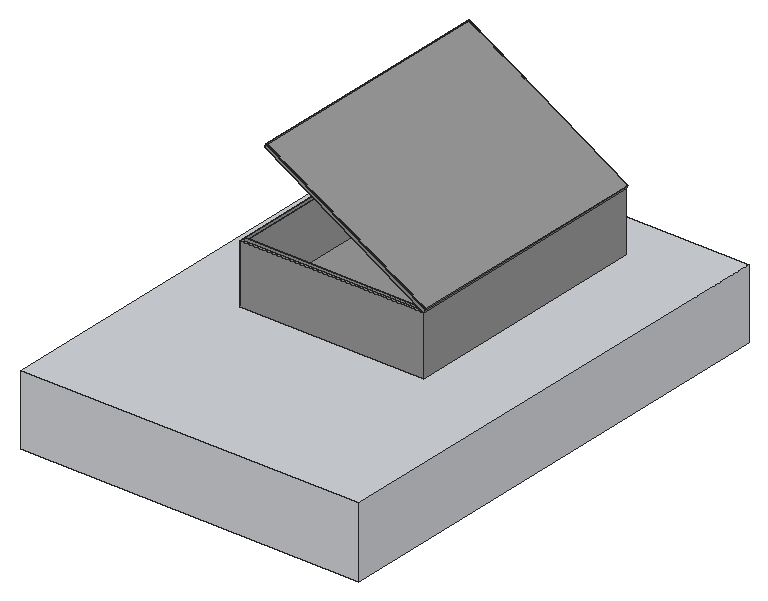
Revit family "Hager-Univers-IP55-D275-H1100-Cl.II-Steel_encl-CH-it", category Equipement électrique, Revit 2020
Family settings
  Hôte = Face
  Configuration du panneau = Deux colonnes, circuits au sein
  Cote de connecteur circulaire = Utiliser le diamètre
  Type d'élément = Tableau de raccordement
  Couper avec des vides une fois chargée = Non
  Partagée = Non
  Point de calcul de pièce = Non
Parameters (values of type "A parete IP55 L800 A1100 P275  - FR73S")
  Width Control [instance] = if([EF000008 - Larghezza] > Min Width, [EF000008 - Larghezza], Min Width)  # 800 mm
  Commentaires du type = [HG000003 - Gamma]  # "Univers"
  Thickness Door [instance] = if([EF009171 - spessore materiale porta/coperchio] > 3 mm, 3 mm, [EF009171 - spessore materiale porta/coperchio])  # 1.5 mm
  Seal Frame Offset [instance] = 17 mm  # constant formula
  Plinth Visibility [instance] = [HG000027 - Altezza dello zoccolo] > 0 mm  # no
  Model = ""
  Min Width [instance] = 100 mm  # constant formula
  Min Height [instance] = 100 mm  # constant formula
  Min Depth [instance] = (2 * [EF009170 - spessore materiale scatola]) + 1 mm  # 4 mm
  Internal Frame Depth [instance] = (Door System Depth * 0.5)  # 9 mm
  Height Control [instance] = if([EF000040 - Altezza] > Min Height, [EF000040 - Altezza], Min Height)  # 1100 mm
  HG000027 - Altezza dello zoccolo = 0 mm
  HG000026 - A pavimento = no
  HG000024 - Altezza della sezione inferiore = 800 mm
  HG000023 - Custodia a doppia sezione = no
  HG000016 - Visibilità delle porte nella vista 3D [instance] = yes
  HG000015 - Visibilità attraverso la porta [instance] = no
  HG000014 - Porta destra [instance] = yes
  HG000013 - Porta sinistra [instance] = not([HG000014 - Porta destra])  # no
  HG000012 - Angolo di apertura della porta [instance] = 30.00°
  HG000010 - Porte asimmetriche = no
  HG000009 - Porta doppia a battente = no
  HG000006 - Ad incasso = no
  HG000004 - Codice produttore = "FR73S"
  HG000003 - Gamma = "Univers"
  HG000002 - Con porta = yes
  Frame Offset Bottom [instance] = 10 mm  # constant formula
  Frame Offset [instance] = 15 mm  # constant formula
  EF015940 - Coprire con rilascio di sovrapressione = no
  EF011959 - tipo di protezione (NEMA) = ""
  EF009554 - numero delle aperture per la piastra della flangia = 6
  Fabricant = "Hager"  # constant formula
  EF009212 - esecuzione coperchio = "EV000116 - chiuso"
  EF009171 - spessore materiale porta/coperchio = 1.5 mm
  EF009170 - spessore materiale scatola = 1.5 mm
  EF008873 - corrente nominale (In) = 800 A
  EF007800 - adatto per parafulmine = no
  EF006306 - con serratura = no
  EF006244 - coperchio/porta trasparente = no
  EF005474 - grado di protezione (IP) = "EV006420 - IP55"
  EF004464 - tipo di porta = "EV002646 - singolo"
  EF004427 - numero di moduli = 252
  EF004293 - resistenza agli urti = "EV008784 - IK10"
  EF003532 - adatto per uso esterno = no
  EF002950 - Numero moduli DIN = 24
  EF001613 - Integrità del circuito = "EV000494 - senza"
  EF001596 - Attacco Lampada = "EV000179 - acciaio"
  EF001131 - profondità interna = 275 mm
  EF001088 - possibilità di applicazione = yes
  EF000437 - numero di ingressi per conduttori = 6
  EF000339 - tipo di copertura = "EV004216 - porta"
  EF000266 - numero di file = 7
  EF000218 - profondità di incasso = 0 mm
  EF000118 - con piastra di montaggio = no
  EF000116 - numero RAL = "7035"
  EF000049 - profondità = 275 mm
  EF000040 - Altezza = 1100 mm
  EF000008 - Larghezza = 800 mm
  EF000007 - colore = "EV000270 - grigio"
  EF000003 - Tipo di montaggio = "EV000384 - A parete"
  Door System Leaf Tolerance [instance] = 1.5 mm  # constant formula
  Door System Depth [instance] = 18 mm  # constant formula
  Door Height [instance] = Height Control - [HG000027 - Altezza dello zoccolo]  # 1100 mm
  Depth Control [instance] = if([EF000049 - profondità] > Min Depth, [EF000049 - profondità], Min Depth)  # 275 mm
  Default Elevation = 0 mm
  Connector Offset [instance] = Height Control / 2  # 550 mm
  Bottom Top Plate Trim [instance] = 1.5 mm  # constant formula
  Plinth height Ctrl [instance] = if([HG000027 - Altezza dello zoccolo] > 0 mm, [HG000027 - Altezza dello zoccolo], 12 mm)  # 12 mm
Types (5, lengths in mm): name | Width Control | HG000010 - Porte asimmetriche | HG000009 - Porta doppia a battente | HG000004 - Codice produttore | EF009554 - numero delle aperture per la piastra della flangia | EF004464 - tipo di porta | EF004427 - numero di moduli | EF000437 - numero di ingressi per conduttori | EF000008 - Larghezza
  A parete IP55 L1050 A1100 P275  - FR74S | 1050 | no | yes | "FR74S" | 8 | "EV003602 - doppio" | 336 | 8 | 1050
  A parete IP55 L1300 A1100 P275  - FR75S | 1300 | yes | yes | "FR75S" | 10 | "EV003602 - doppio" | 420 | 10 | 1300
  A parete IP55 L300 A1100 P275  - FR71S | 300 | no | no | "FR71S" | 2 | "EV002646 - singolo" | 84 | 2 | 300
  A parete IP55 L550 A1100 P275  - FR72S | 550 | no | no | "FR72S" | 4 | "EV002646 - singolo" | 168 | 4 | 550
  A parete IP55 L800 A1100 P275  - FR73S | 800 | no | no | "FR73S" | 6 | "EV002646 - singolo" | 252 | 6 | 800
Reference planes
  plane 1 "Center (Front/Back)": y = 0
  plane 2: z = 0
  plane 3 "Center (Left/Right)": x = 0
  plane 4: z = 275
  plane 5: y = 1.5
  plane 6: y = 550
  plane 7: y = 0
  plane 8: y = 1100
  plane 9: z = 0
  plane 10: x = -385
  plane 11: x = 385
  plane 12: x = 383.5
  plane 13: x = -383.5
  plane 14: y = 1098.5
  plane 15: x = -383
  plane 16: x = -400
  plane 17: x = 383
  plane 18: x = 400
  plane 19: x = 398.5
  plane 20: x = -398.5
  plane 21: y = 11.5
  plane 22: y = 1100
  plane 23: y = 1083.5
  plane 24: z = 257
  plane 25: z = 1.5
  plane 26: z = 255.5
  plane 27: z = 273.5
Forms (mm)
  Extrusion 1, solid
    sketch origin (0, 0, 0) x (1, 0, 0) y (0, 1, 0)
      loop
        line (-702.964, 1305) -> (-702.964, -811.445) -> (766.763, -811.445) -> (766.763, 1305) -> (-702.964, 1305)
    from 0 to -304.8
  Extrusion 2, solid, material "Hager_Steel_RAL7035_Light_Grey", visible <- "Plinth Visibility", detail levels medium+fine
    sketch origin (0, 0, 0) x (1, 0, 0) y (0, 1, 0)
      loop
        line (-400, 0) -> (400, 0) -> (400, 12) -> (-400, 12) -> (-400, 0)
    from 0 to 257
  Extrusion 3, solid, material "Hager_Steel_RAL7035_Light_Grey", detail levels medium+fine
    sketch origin (0, 0, 0) x (1, 0, 0) y (0, 1, 0)
      loop
        line (-400, 0) -> (400, 0) -> (400, 1100) -> (-400, 1100) -> (-400, 0)
    from 0 to 257
  Extrusion 4, void
    sketch origin (0, 0, 0) x (1, 0, 0) y (0, 1, 0)
      loop
        line (-398.5, 1.5) -> (398.5, 1.5) -> (398.5, 1098.5) -> (-398.5, 1098.5) -> (-398.5, 1.5)
    from 1.5 to 255.5
  Extrusion 5, void
    sketch origin (-381.607, -4572, 257) x (0, -1, 0) y (-1, 0, 0)
      loop
        line (-4583.5, 1.893) -> (-5655.5, 1.893) -> (-5655.5, -765.107) -> (-4583.5, -765.107) -> (-4583.5, 1.893)
    from 0 to 1.5 <- "EF009170 - spessore materiale scatola"
  Extrusion 6, solid, material "Hager_Steel_RAL7035_Light_Grey", detail levels fine
    sketch origin (0, 0, 257) x (1, 0, 0) y (0, 1, 0)
      loop
        line (-383.5, 1083.5) -> (-383.5, 11.5) -> (383.5, 11.5) -> (383.5, 1083.5) -> (-383.5, 1083.5)
      loop
        line (-385, 10) -> (385, 10) -> (385, 1085) -> (-385, 1085) -> (-385, 10)
    from 0 to 9 <- "Internal Frame Depth"
  Extrusion 7, solid, material "Hager_Steel_RAL7035_Light_Grey", detail levels coarse
    sketch origin (0, 0, 0) x (1, 0, 0) y (0, 1, 0)
      loop
        line (-400, 0) -> (400, 0) -> (400, 1100) -> (-400, 1100) -> (-400, 0)
    from 0 to 275
  Sweep 8, void
    path in 3D
      loop
        line (-400, 12, 0) -> (400, 12, 0) -> (400, 12, 257) -> (-400, 12, 257) -> (-400, 12, 0)
    profile origin (-400, 12, 128.5) x (-1, 0, 0) y (0, -1, 0)
      loop
        line (0, 0) -> (0, 1.5) -> (-1.5, 1.5)
        arc (-1.5, 1.5) -> (-1.061, 0.439) -> (0, 0) r 1.5
Cuts and joins
  Extrusion 4, Extrusion 5 cuts Extrusion 3
  Sweep 8 cuts Extrusion 2
Lines and regions (mm)
  Masking region 1
    outline origin (0, 0, 0) x (1, 0, 0) y (0, 0, 1)
      loop
        line (-400, 275) -> (-400, 0) -> (400, 0) -> (400, 275) -> (-400, 275)
  Masking region 2, detail levels medium+fine
    outline origin (0, 140, 0) x (0, 1, 0) y (0, 0, 1)
      loop
        line (-140, 0) -> (960, 0) -> (960, 257) -> (-140, 257) -> (-140, 0)
  Masking region 3, not visible, detail levels medium+fine
    outline origin (0, 297.922, 0) x (0, 1, 0) y (0, 0, 1)
      loop
        line (263.578, 0) -> (303.578, 0) -> (303.578, 263.5)
        arc (303.578, 263.5) -> (300.649, 270.571) -> (293.578, 273.5) r 10
        line (293.578, 273.5) -> (263.578, 273.5) -> (263.578, 0)
  Masking region 4, detail levels coarse
    outline origin (0, 0, 180) x (0, 1, 0) y (0, 0, 1)
      loop
        line (0, -180) -> (1100, -180) -> (1100, 95) -> (0, 95) -> (0, -180)
  Masking region 5, visible <- "Plinth Visibility", detail levels medium+fine
    outline origin (0, 52.24, 12.345) x (0, 0, -1) y (0, 1, 0)
      loop
        line (10.845, -40.24) -> (-243.155, -40.24)
        arc (-243.155, -40.24) -> (-243.594, -41.301) -> (-244.655, -41.74) r 1.5
        line (-244.655, -41.74) -> (-244.655, -52.24) -> (12.345, -52.24) -> (12.345, -41.74)
        arc (12.345, -41.74) -> (11.285, -41.301) -> (10.845, -40.24) r 1.5
  Masking region 6, detail levels medium+fine
    outline origin (-381.607, -4572, 257) x (-1, 0, 0) y (0, -1, 0)
      loop
        line (18.393, -5672) -> (18.393, -4572) -> (-781.607, -4572) -> (-781.607, -5672) -> (18.393, -5672)
  Masking region 7, visible <- "Plinth Visibility", detail levels medium+fine
    outline origin (-381.607, -4727, 257) x (-1, 0, 0) y (0, -1, 0)
      loop
        arc (16.893, -4739) -> (17.332, -4737.939) -> (18.393, -4737.5) r 1.5
        line (18.393, -4737.5) -> (18.393, -4727) -> (-781.607, -4727) -> (-781.607, -4737.5)
        arc (-781.607, -4737.5) -> (-780.546, -4737.939) -> (-780.107, -4739) r 1.5
        line (-780.107, -4739) -> (16.893, -4739)
  Masking region 8, detail levels coarse
    outline origin (-442.548, -4669.526, 257) x (-1, 0, 0) y (0, -1, 0)
      loop
        line (-42.548, -5769.526) -> (-42.548, -4669.526) -> (-842.548, -4669.526) -> (-842.548, -5769.526) -> (-42.548, -5769.526)
  sketch lines
    curve 1: line (-400, 12, 257) -> (-400, 12, 0)
    curve 2: line (400, 12, 257) -> (-400, 12, 257)
    curve 3: line (400, 12, 257) -> (400, 12, 0)
    curve 4: line (-400, 12, 0) -> (400, 12, 0)
Dimensions and locks
  "Depth Control": plane 4 to Extrusion 1
  "HG000027 - Altezza dello zoccolo": plane 1 "Center (Front/Back)" to plane 7
  "EF009170 - spessore materiale scatola": plane 5 to plane 7
  locked: connector elem to plane 3 "Center (Left/Right)"
  equal spacing: plane 8, plane 6, plane 7
  locked: connector elem to plane 6
  "EF009170 - spessore materiale scatola": plane 8 to plane 14
  "EF009170 - spessore materiale scatola": plane 10 to plane 13
  "EF009170 - spessore materiale scatola": plane 12 to plane 11
  "Frame Offset": plane 20 to plane 13
  "Frame Offset": plane 12 to plane 19
  "EF009170 - spessore materiale scatola": plane 16 to plane 20
  "EF009170 - spessore materiale scatola": plane 19 to plane 18
  "Seal Frame Offset": plane 16 to plane 15
  "Seal Frame Offset": plane 17 to plane 18
  "Frame Offset Bottom": plane 21 to plane 5
  "Frame Offset": plane 14 to plane 23
  equal spacing: plane 16, plane 3 "Center (Left/Right)", plane 18
  "Width Control": plane 16 to plane 18
  "EF009170 - spessore materiale scatola": plane 4 to plane 27
  "EF009170 - spessore materiale scatola": plane 24 to plane 26
  "EF009170 - spessore materiale scatola": plane 25 to level
  "Door System Depth": plane 4 to plane 24
  "Height Control": plane 1 "Center (Front/Back)" to Extrusion 7 sketch curve
  "Height Control": Masking region 4 sketch curve to plane 1 "Center (Front/Back)"
  "Height Control": plane 1 "Center (Front/Back)" to plane 22
  "Bottom Top Plate Trim": profile plane to Sweep 8 sketch curve
  "Bottom Top Plate Trim": Sweep 8 sketch curve to profile plane
  "Plinth height Ctrl": plane 1 "Center (Front/Back)" to Extrusion 2 sketch curve
  "Plinth height Ctrl": Masking region 5 sketch curve to plane 1 "Center (Front/Back)"
  "Plinth height Ctrl": plane 1 "Center (Front/Back)" to Masking region 7 sketch curve
  "Thickness Door": Extrusion 6 sketch curve to Extrusion 6 sketch curve  (x3)
  "Thickness Door": cut or joined group of Extrusion 3, Extrusion 4, Extrusion 5 to Extrusion 6 sketch curve
  radius of Masking region 3 sketch curve = 10 mm
  "Bottom Top Plate Trim": radius of Masking region 5 sketch curve  (x2)
  "Bottom Top Plate Trim": radius of Sweep 8 sketch curve
  "Bottom Top Plate Trim": radius of Masking region 7 sketch curve  (x2)
  aligned and locked: plane 2 to Extrusion 1
  aligned and locked: level to Extrusion 1
  aligned and locked: level to Masking region 1 sketch curve
  aligned and locked: Masking region 1 sketch curve to plane 18
  aligned and locked: Masking region 1 sketch curve to plane 16
  aligned and locked: plane 7 to Masking region 2 sketch curve
  aligned and locked: level to Masking region 3 sketch curve
  aligned and locked: Masking region 3 sketch curve to plane 27
  aligned and locked: level to Masking region 2 sketch curve
  aligned and locked: plane 1 "Center (Front/Back)" to Extrusion 2 sketch curve
  aligned and locked: Extrusion 3 sketch curve to plane 7
  aligned and locked: plane 16 to Extrusion 3 sketch curve
  aligned and locked: plane 18 to Extrusion 3 sketch curve
  aligned and locked: plane 20 to Extrusion 4 sketch curve
  aligned and locked: plane 19 to Extrusion 4 sketch curve
  aligned and locked: Extrusion 4 sketch curve to plane 5
  aligned and locked: Extrusion 4 to plane 25
  aligned and locked: plane 26 to Extrusion 4
  aligned and locked: plane 24 to Extrusion 3
  aligned and locked: Extrusion 5 sketch curve to plane 21
  aligned and locked: Extrusion 5 sketch curve to plane 13
  aligned and locked: Extrusion 5 sketch curve to plane 12
  aligned and locked: plane 18 to Extrusion 7 sketch curve
  aligned and locked: plane 1 "Center (Front/Back)" to Extrusion 7 sketch curve
  aligned and locked: plane 16 to Extrusion 7 sketch curve
  aligned and locked: plane 4 to Extrusion 7
  aligned and locked: Extrusion 7 to level
  aligned and locked: level to Masking region 4 sketch curve
  aligned and locked: Masking region 4 sketch curve to plane 1 "Center (Front/Back)"
  aligned and locked: Masking region 4 sketch curve to plane 4
  aligned and locked: nested 1 to level
  aligned and locked: nested 1 to plane 16
  aligned and locked: plane 8 to Extrusion 3 sketch curve
  aligned and locked: plane 23 to Extrusion 5 sketch curve
  aligned and locked: plane 14 to Extrusion 4 sketch curve
  aligned and locked: Masking region 2 sketch curve to plane 8
  aligned and locked: level to Masking region 5 sketch curve
  aligned and locked: plane 16 to Extrusion 2 sketch curve
  aligned and locked: plane 18 to Extrusion 2 sketch curve
  aligned and locked: Masking region 5 sketch curve to plane 24
  aligned and locked: Masking region 2 sketch curve to plane 24
  aligned and locked: plane 24 to Extrusion 2
  aligned and locked: profile plane to Sweep 8 sketch curve  (x2)
  aligned and locked: Masking region 6 sketch curve to plane 18
  aligned and locked: Masking region 6 sketch curve to plane 22
  aligned and locked: Masking region 6 sketch curve to plane 16
  aligned and locked: plane 8 to plane 22
  aligned and locked: Masking region 6 sketch curve to plane 7
  aligned and locked: Masking region 7 sketch curve to plane 16
  aligned and locked: Masking region 7 sketch curve to plane 1 "Center (Front/Back)"
  aligned and locked: Masking region 7 sketch curve to plane 18
  aligned and locked: Masking region 8 sketch curve to plane 1 "Center (Front/Back)"
  aligned and locked: Masking region 8 sketch curve to plane 18
  aligned and locked: Masking region 8 sketch curve to plane 22
  aligned and locked: Masking region 8 sketch curve to plane 16
  aligned and locked: nested 2 to plane 7
  aligned and locked: plane 3 "Center (Left/Right)" to nested 2
  aligned and locked: nested 2 to plane 24
  aligned and locked: Extrusion 6 sketch curve to cut or joined group of Extrusion 3, Extrusion 4, Extrusion 5  (x4)
Automatic sketch dimensions
  Extrusion 1 sketch curve to Extrusion 1 sketch curve = 1469.727 mm
  Extrusion 1 sketch curve to Extrusion 1 sketch curve = 2116.445 mm
  Masking region 1 sketch curve to plane 4 = 0 mm
  plane 6 to Masking region 3 sketch curve = 11.5 mm
  Masking region 3 sketch curve to Masking region 3 sketch curve = 30 mm
  Masking region 5 sketch curve to plane 1 "Center (Front/Back)" = 0 mm
Nested families
  nested 1: "Hager_Enclosure_Symbol" at (-400, 0, 0) x (1, 0, 0) z (0, -1, 0), Height <- "Depth Control", Width <- "Width Control", type "Hager_Enclosure_Symbol"
    with Width_Ctrl 800 mm, Width 800 mm, Height_Ctrl 275 mm, Height 275 mm, A_Width_Int 18.047 mm, A_Width 216.562 mm, A_Height_Ctrl 240.625 mm, A_Height 240.625 mm
  nested 2: "EC000058_Univers_Door" at (0, 0, 257) x (1, 0, 0) z (0, 1, 0), Leaf_Tolerance <- "Door System Leaf Tolerance", Angle <- "HG000012 - Angolo di apertura della porta", Door_Depth <- "Door System Depth", Door_Left <- "HG000013 - Porta sinistra", Transparent <- "EF006244 - coperchio/porta trasparente", Assymetrical <- "HG000010 - Porte asimmetriche", Width <- "Width Control", Clearance <- "HG000015 - Visibilità attraverso la porta", Double <- "HG000009 - Porta doppia a battente", 3d_Door <- "HG000016 - Visibilità delle porte nella vista 3D", Lock_Visibility <- "EF006306 - con serratura", Width_Ctrl <- "Width Control", Door_Right <- "HG000014 - Porta destra", Door <- "HG000002 - Con porta", Height <- "Door Height", Thickness <- "Thickness Door", type "EC000058_Univers_Door", detail levels medium+fine
    with min_wh 4 mm, Width_Ctrl 800 mm, Width 800 mm, Transparent no, Thickness 1.5 mm, Seal_Material Hager_Rubber, Lock_Visibility no, Lock_Material Hager_Plastic_RAL9005_Jet_Black, Leaf_Width 800 mm, Leaf_Tolerance_External_Sides 0 mm, Leaf_Tolerance 1.5 mm, Leaf_Offset 0 mm, Leaf_Height 1097 mm, Leaf_2_Width 800 mm, Leaf_2_Offset 400 mm, Leaf_1_Width 800 mm, Leaf_1_Offset 400 mm, Height_Ctrl 1100 mm, Height 1100 mm, Glass_Material Hager_Glass, Double_Clearance_Ctrl no, Double no, Door_Right_Ctrl yes, Door_Right yes, Door_Material Hager_Steel_RAL7035_Light_Grey, Door_Left_Ctrl no, Door_Left no, Door_Depth 18 mm, Door yes, Clearance_Material Hager_Clearance, Clearance_Depth 800 mm, Clearance_Ctrl no, Clearance no, Assymetrical no, Angle 30.00°, 3d_Door yes
Connectors
  electrical at (0, 550, 0)
    settings: on plane 9, index 1, voltage 0 V, apparent load 0 VA, apparent load phase1 0 VA, apparent load phase2 0 VA, apparent load phase3 0 VA, power factor 1, load classification "Other", number of poles 1, system type 30, power factor state 1, is connector primary yes, connector utility no, sub classification motor no, connector description ""
Definition of nested family "EC000058_Univers_Door"
  Parameters (values of type "EC000058_Univers_Door")
    min_wh [instance] = (2 * Thickness) + 1 mm  # 11 mm
    Width_Ctrl [instance] = 400 mm
    Width [instance] = 500 mm
    Transparent [instance] = yes
    Thickness [instance] = 5 mm
    Seal_Material [instance] = none
    Lock_Visibility [instance] = yes
    Lock_Material [instance] = none
    Leaf_Width [instance] = if((Width_Ctrl - 2 * Leaf_Tolerance_External_Sides) > 0 mm, (Width_Ctrl - 2 * Leaf_Tolerance_External_Sides), min_wh)  # 400 mm
    Leaf_Tolerance_External_Sides [instance] = 0 mm  # constant formula
    Leaf_Tolerance [instance] = 1.5 mm
    Leaf_Offset [instance] = 0 mm  # constant formula
    Leaf_Height [instance] = if((Height_Ctrl - 2 * Leaf_Tolerance) > 0 mm, (Height_Ctrl - 2 * Leaf_Tolerance), min_wh)  # 497 mm
    Leaf_2_Width [instance] = if(and(and(Double, Assymetrical), Door_Left), (Leaf_Width / 3) - (Leaf_Tolerance / 2), if(and(and(Double, Assymetrical), Door_Right), (Leaf_Width / 3) * 2 - (Leaf_Tolerance / 2), if(and(Double, not(Assymetrical)), (Leaf_Width / 2) - Leaf_Tolerance, Leaf_Width)))  # 400 mm
    Leaf_2_Offset [instance] = if(and(Double, Assymetrical), Leaf_2_Width / 2, if(and(Double, not(Assymetrical)), Leaf_Width / 4, Leaf_Width / 2))  # 200 mm
    Leaf_1_Width [instance] = if(and(and(Double, Assymetrical), Door_Right), (Leaf_Width / 3) - (Leaf_Tolerance / 2), if(and(and(Double, Assymetrical), Door_Left), (Width / 3) * 2 - (Leaf_Tolerance / 2), if(and(Double, not(Assymetrical)), (Leaf_Width / 2) - Leaf_Tolerance, Leaf_Width)))  # 400 mm
    Leaf_1_Offset [instance] = if(and(Double, Assymetrical), Leaf_1_Width / 2, if(and(Double, not(Assymetrical)), Leaf_Width / 4, Leaf_Width / 2))  # 200 mm
    Height_Ctrl [instance] = if(Height > min_wh, Height, min_wh)  # 500 mm
    Height [instance] = 500 mm
    Glass_Material [instance] = none
    Double_Clearance_Ctrl [instance] = and(Double, Clearance)  # no
    Double [instance] = no
    Door_Right_Ctrl [instance] = and(or(Door_Right, Double), Door)  # yes
    Door_Right [instance] = yes
    Door_Material [instance] = none
    Door_Left_Ctrl [instance] = and(or(Door_Left, Double), Door)  # no
    Door_Left [instance] = no
    Door_Depth [instance] = 30 mm
    Door [instance] = yes
    Default Elevation = 1219.2 mm
    Clearance_Material [instance] = none
    Clearance_Depth [instance] = if(Leaf_1_Width > Leaf_2_Width, Leaf_1_Width, Leaf_2_Width)  # 400 mm
    Clearance_Ctrl [instance] = and(not(Double), Clearance)  # yes
    Clearance [instance] = yes
    Assymetrical [instance] = yes
    Angle [instance] = 30.00°
    3d_Door [instance] = yes
  Reference planes
    plane 1 "Center (Front/Back)": y = 0
    plane 2 "Bottom": z = 0
    plane 3 "Center (Left/Right)": x = 0
    plane 4: z = 500
    plane 5: x = -200
    plane 6: x = 200
    plane 7: z = 500
    plane 8: x = -200
    plane 9: z = 0
    plane 10: x = 200
    plane 11: y = 0
    plane 12: z = 1.5
    plane 13: x = -600
    plane 14: y = -400
    plane 15: x = 600
    plane 16: x = 0
    plane 17: x = 0
    plane 18: x = -200
    plane 19: x = 200
    plane 20: z = 498.5
  Forms (mm)
    Extrusion 1, solid, material <- "Clearance_Material", visible <- "Double_Clearance_Ctrl"
      sketch origin (1200, 0, 0) x (1, 0, 0) y (0, 0, -1)
        loop
          line (-1800, -498.5) -> (-600, -498.5) -> (-600, 0) -> (-1800, 0) -> (-1800, -498.5)
      from 0 to -400
  Dimensions and locks
    equal spacing: plane 5, plane 3 "Center (Left/Right)", plane 6
    "Width_Ctrl": plane 5 to plane 6
    "Leaf_Offset": plane 5 to plane 8
    "Leaf_Offset": plane 6 to plane 10
    "Leaf_Offset": plane 9 to level
    "Leaf_Offset": plane 4 to plane 7
    "Height_Ctrl": plane 4 to level
    "Leaf_Tolerance": plane 12 to plane 9
    locked: plane 11 to plane 1 "Center (Front/Back)"
    "Leaf_1_Offset": plane 18 to plane 16
    "Leaf_2_Offset": plane 17 to plane 19
    "Leaf_1_Width": plane 13 to plane 8
    "Leaf_2_Width": plane 10 to plane 15
    "Clearance_Depth": plane 14 to plane 1 "Center (Front/Back)"
    "Leaf_Tolerance_External_Sides": plane 8 to plane 18
    "Leaf_Tolerance_External_Sides": plane 19 to plane 10
    "Leaf_Tolerance": plane 7 to plane 20
    aligned and locked: level to plane 2 "Bottom"
    aligned and locked: nested 1 to plane 16
    aligned and locked: nested 2 to plane 17
    aligned and locked: Extrusion 1 to plane 13
    aligned and locked: plane 15 to Extrusion 1
    aligned and locked: Extrusion 1 to plane 14
    aligned and locked: plane 12 to nested 1
    aligned and locked: nested 2 to plane 12
    aligned and locked: Extrusion 1 to plane 11
    aligned and locked: plane 20 to Extrusion 1
    aligned and locked: nested 2 to plane 11
    aligned and locked: nested 1 to plane 11
  Automatic sketch dimensions
    Extrusion 1 sketch curve to level = 0 mm
    plane 5 to Extrusion 1 sketch curve = 400 mm
    plane 6 to Extrusion 1 sketch curve = 400 mm
    Extrusion 1 sketch curve to plane 4 = 1.5 mm
  Nested families
    nested 1: "EC000058_Univers_Door_Leaf" at (0, 0, 1.5), Width <- "Leaf_1_Width", visible <- "Door_Left_Ctrl", Leaf_Height <- "Leaf_Height", Angle <- "Angle", 3d_Door <- "3d_Door", Transparent <- "Transparent", Clearance Material <- "Clearance_Material", Clearance <- "Clearance_Ctrl", Door_Material <- "Door_Material", Glass_Material <- "Glass_Material", Door_Depth <- "Door_Depth", Lock_Material <- "Lock_Material", Seal_Material <- "Seal_Material", Lock_Visibility <- "Lock_Visibility", Thickness <- "Thickness", type "EC000058_Univers_Door_Leaf"
      with Width 400 mm, Transparent_Glass_Offset 30 mm, Transparent_Ctrl yes, Transparent yes, Thickness 5 mm, Standard no, Seal_Material none, Seal_D2 8 mm, Seal_D1 1 mm, Offset_Internal_Frame 10 mm, Lock_Width 20 mm, Lock_Visibility_3d yes, Lock_Visibility yes, Lock_Thickness_3 3 mm, Lock_Thickness_2 1 mm, Lock_Thickness_1 3 mm, Lock_Radius_Offset_2 16 mm, Lock_Radius_Offset_1 15 mm, Lock_Radius_2 5 mm, Lock_Radius 6 mm, Lock_Offset 5 mm, Lock_Material none, Lock_Height 80 mm, Lock_Cover_Top_Offset_2d 17 mm, Lock_Cover_Height -65 mm, Leaf_Height 497 mm, Internal_Seal_Thickness 8 mm, Internal_Seal_Depth_2 4.5 mm, Internal_Frame_Depth 25 mm, Glass_Thickness -1 mm, Glass_Offset -2 mm, Glass_Material none, Door_Material none, Door_Depth 30 mm, Clearance Material none, Clearance yes, Angle_Ctrl 30.00°, Angle 30.00°, 3d_Door yes
    nested 2: "EC000058_Univers_Door_Leaf" at (0, 0, 1.5) x (-1, 0, 0) z (0, 0, 1), Width <- "Leaf_2_Width", visible <- "Door_Right_Ctrl", Leaf_Height <- "Leaf_Height", Angle <- "Angle", 3d_Door <- "3d_Door", Transparent <- "Transparent", Clearance Material <- "Clearance_Material", Clearance <- "Clearance_Ctrl", Door_Material <- "Door_Material", Glass_Material <- "Glass_Material", Door_Depth <- "Door_Depth", Lock_Material <- "Lock_Material", Seal_Material <- "Seal_Material", Lock_Visibility <- "Lock_Visibility", Thickness <- "Thickness", type "EC000058_Univers_Door_Leaf"
      with Width 400 mm, Transparent_Glass_Offset 30 mm, Transparent_Ctrl yes, Transparent yes, Thickness 5 mm, Standard no, Seal_Material none, Seal_D2 8 mm, Seal_D1 1 mm, Offset_Internal_Frame 10 mm, Lock_Width 20 mm, Lock_Visibility_3d yes, Lock_Visibility yes, Lock_Thickness_3 3 mm, Lock_Thickness_2 1 mm, Lock_Thickness_1 3 mm, Lock_Radius_Offset_2 16 mm, Lock_Radius_Offset_1 15 mm, Lock_Radius_2 5 mm, Lock_Radius 6 mm, Lock_Offset 5 mm, Lock_Material none, Lock_Height 80 mm, Lock_Cover_Top_Offset_2d 17 mm, Lock_Cover_Height -65 mm, Leaf_Height 497 mm, Internal_Seal_Thickness 8 mm, Internal_Seal_Depth_2 4.5 mm, Internal_Frame_Depth 25 mm, Glass_Thickness -1 mm, Glass_Offset -2 mm, Glass_Material none, Door_Material none, Door_Depth 30 mm, Clearance Material none, Clearance yes, Angle_Ctrl 30.00°, Angle 30.00°, 3d_Door yes
  Definition of nested family "EC000058_Univers_Door_Leaf"
    Parameters (values of type "EC000058_Univers_Door_Leaf")
      Width [instance] = 2000 mm
      Transparent_Glass_Offset [instance] = 30 mm
      Transparent_Ctrl [instance] = and(Transparent, [3d_Door])  # yes
      Transparent [instance] = yes
      Thickness [instance] = 5 mm
      Standard [instance] = and(not(Transparent), [3d_Door])  # no
      Seal_Material [instance] = none
      Seal_D2 [instance] = 8 mm  # constant formula
      Seal_D1 [instance] = 1 mm  # constant formula
      Offset_Internal_Frame [instance] = 10 mm  # constant formula
      Lock_Width [instance] = 20 mm  # constant formula
      Lock_Visibility_3d [instance] = and(Lock_Visibility, [3d_Door])  # yes
      Lock_Visibility [instance] = yes
      Lock_Thickness_3 [instance] = 3 mm  # constant formula
      Lock_Thickness_2 [instance] = 1 mm  # constant formula
      Lock_Thickness_1 [instance] = 3 mm  # constant formula
      Lock_Radius_Offset_2 [instance] = Lock_Radius_Offset_1 + 1 mm  # 16 mm
      Lock_Radius_Offset_1 [instance] = 15 mm  # constant formula
      Lock_Radius_2 [instance] = Lock_Radius - 1 mm  # 5 mm
      Lock_Radius [instance] = 6 mm  # constant formula
      Lock_Offset [instance] = 5 mm  # constant formula
      Lock_Material [instance] = none
      Lock_Height [instance] = 80 mm  # constant formula
      Lock_Cover_Top_Offset_2d [instance] = Lock_Radius_Offset_2 + 1 mm  # 17 mm
      Lock_Cover_Height [instance] = -(Lock_Height - Lock_Radius_Offset_1)  # -65 mm
      Leaf_Height [instance] = 2720.336 mm
      Internal_Seal_Thickness [instance] = 8 mm  # constant formula
      Internal_Seal_Depth_2 [instance] = 4.5 mm  # constant formula
      Internal_Frame_Depth [instance] = if(Door_Depth - Thickness > 5 mm, Door_Depth - Thickness, 5 mm)  # 25 mm
      Glass_Thickness [instance] = if(Thickness > 15 mm, Glass_Offset + 10 mm, -1 mm)  # -1 mm
      Glass_Offset [instance] = if(Thickness > 15 mm, -(Thickness + 10 mm) / 2, -2 mm)  # -2 mm
      Glass_Material [instance] = none
      Door_Material [instance] = none
      Door_Depth [instance] = 30 mm
      Default Elevation = 0 mm
      Clearance Material [instance] = none
      Clearance [instance] = yes
      Angle_Ctrl [instance] = if(Angle > 180.00°, 180.00°, Angle)  # 90.00°
      Angle [instance] = 90.00°
      3d_Door [instance] = yes
    Reference planes
      plane 1 "Center (Front/Back)": y = 0
      plane 2: z = 0
      plane 3 "Center (Left/Right)": x = 0
      plane 4: y = 2000
      plane 5: x = -1000
      plane 6: x = 1000
      plane 7: x = -3000
      plane 8: z = 2720.336
      plane 9: z = 30
      plane 10: z = 2690.336
      plane 11: x = 970
      plane 12: x = -970
      plane 13: y = -3
      plane 14: z = 107.833
      plane 15: y = -5
      plane 16: y = -223.314
      plane 17: x = -1000
      plane 18: z = 1360.168
      plane 19: y = 30
    Forms (mm)
      Extrusion 1, solid, material <- "Clearance Material", visible <- "Clearance"
        sketch origin (0, 0, 0) x (1, 0, 0) y (0, 0, 1)
          loop
            line (-3000, 2720.336) -> (-3000, 0) -> (1000, 0) -> (1000, 2720.336) -> (-3000, 2720.336)
        from 0 to -2000
      Extrusion 2, solid, material <- "Door_Material", visible <- "Standard", detail levels medium+fine
        sketch origin (-1000, 0, 0) x (0, 1, 0) y (-1, 0, 0)
          loop
            line (0, 30) -> (0, 25) -> (2000, 25) -> (2000, 30) -> (0, 30)
        from 0 to 2720.336 <- "Leaf_Height"
      Extrusion 3, solid, material <- "Door_Material", visible <- "Transparent_Ctrl", detail levels medium+fine
        sketch origin (-1000, 0, 0) x (0, 1, 0) y (-1, 0, 0)
          loop
            line (0, 25) -> (2000, 25) -> (2000, 30) -> (0, 30) -> (0, 25)
        from 0 to 2720.336 <- "Leaf_Height"
      Extrusion 4, void
        sketch origin (-1025, 2000, 0) x (0, 1, 0) y (0, 0, -1)
          loop
            line (-30, -2690.336) -> (-30, -30) -> (-1970, -30) -> (-1970, -2690.336) -> (-30, -2690.336)
        from 0 to 5 <- "Thickness"
      Sweep 5, solid, material <- "Seal_Material", visible <- "Transparent_Ctrl", detail levels fine
        path in 3D
          loop
            line (-1025, 30, 30) -> (-1025, 30, 2690.336) -> (-1025, 1970, 2690.336) -> (-1025, 1970, 30) -> (-1025, 30, 30)
        profile origin (-1025, 1000, 30) x (1, 0, 0) y (0, 0, 1)
          loop
            line (0, 0) -> (0, -8) -> (1, -8) -> (1, 0) -> (0, 0)
      Extrusion 6, solid, material <- "Glass_Material", visible <- "Transparent_Ctrl", detail levels medium+fine
        sketch origin (-1030, 0, 0) x (0, 1, 0) y (0, 0, -1)
          loop
            line (1970, -2690.336) -> (1970, -30) -> (30, -30) -> (30, -2690.336) -> (1970, -2690.336)
        from -2 <- "Glass_Offset" to -1 <- "Glass_Thickness"
      Extrusion 7, solid, material <- "Door_Material", visible <- "3d_Door", detail levels medium+fine
        sketch origin (-1025, 2000, 0) x (0, -1, 0) y (0, 0, -1)
          loop
            line (0, -2720.336) -> (2000, -2720.336) -> (2000, 0) -> (0, 0) -> (0, -2720.336)
          loop
            line (1995, -5) -> (5, -5) -> (5, -2715.336) -> (1995, -2715.336) -> (1995, -5)
        from 0 to 25 <- "Internal_Frame_Depth"
      Sweep 8, solid, material <- "Seal_Material", visible <- "Transparent_Ctrl", detail levels fine
        path in 3D
          loop
            line (-1025, 0, 0) -> (-1025, 2000, 0) -> (-1025, 2000, 2720.336) -> (-1025, 0, 2720.336) -> (-1025, 0, 0)
        profile origin (-1025, 0, 1360.168) x (1, 0, 0) y (0, 1, 0)
          loop
            line (0, 10) -> (2.975, 10)
            arc (2.975, 10) -> (4.053, 10.447) -> (4.5, 11.525) r 1.525
            line (4.5, 11.525) -> (4.5, 16.527)
            arc (4.5, 16.527) -> (4.069, 17.569) -> (3.027, 18) r 1.473
            line (3.027, 18) -> (0, 18) -> (0, 10)
      Extrusion 9, solid, material <- "Lock_Material", visible <- "Lock_Visibility_3d", detail levels fine
        sketch origin (-1030, 0, 0) x (0, 1, 0) y (0, 0, -1)
          loop
            arc (1993.5, -1400.168) -> (1994.561, -1399.729) -> (1995, -1398.668) r 1.5
            line (1995, -1398.668) -> (1995, -1320.168) -> (1975, -1320.168) -> (1975, -1398.668)
            arc (1975, -1398.668) -> (1975.439, -1399.729) -> (1976.5, -1400.168) r 1.5
            line (1976.5, -1400.168) -> (1993.5, -1400.168)
        from 3 <- "Lock_Thickness_1" to 0
      Blend 10, solid, material <- "Lock_Material", visible <- "Lock_Visibility_3d", detail levels fine
        base sketch origin (-1033, 0, 0) x (0, 1, 0) y (0, 0, -1)
          loop
            line (1975, -1320.168) -> (1975, -1398.668)
            arc (1975, -1398.668) -> (1975.439, -1399.729) -> (1976.5, -1400.168) r 1.5
            line (1976.5, -1400.168) -> (1993.5, -1400.168)
            arc (1993.5, -1400.168) -> (1994.561, -1399.729) -> (1995, -1398.668) r 1.5
            line (1995, -1398.668) -> (1995, -1320.168) -> (1975, -1320.168)
        top sketch origin (-1033, 0, 0) x (0, 1, 0) y (0, 0, -1)
          loop
            line (1976, -1320.168) -> (1976, -1398.668)
            arc (1976, -1398.668) -> (1976.146, -1399.022) -> (1976.5, -1399.168) r 0.5
            line (1976.5, -1399.168) -> (1993.5, -1399.168)
            arc (1993.5, -1399.168) -> (1993.854, -1399.022) -> (1994, -1398.668) r 0.5
            line (1994, -1398.668) -> (1994, -1320.168) -> (1976, -1320.168)
        from 0 to 1 <- "Lock_Thickness_2"
      Blend 11, solid, material <- "Lock_Material", visible <- "Lock_Visibility_3d", detail levels fine
        base sketch origin (-1034, 0, 0) x (0, 1, 0) y (0, 0, -1)
          loop
            line (1978, -1320.168) -> (1978, -1384.168)
            arc (1978, -1384.168) -> (1985, -1391.168) -> (1992, -1384.168) r 7
            line (1992, -1384.168) -> (1992, -1320.168) -> (1978, -1320.168)
        top sketch origin (-1034, 0, 0) x (0, 1, 0) y (0, 0, -1)
          loop
            line (1991, -1320.168) -> (1979, -1320.168) -> (1979, -1383.168)
            arc (1979, -1383.168) -> (1985, -1389.168) -> (1991, -1383.168) r 6
            line (1991, -1383.168) -> (1991, -1320.168)
        from 0 to 3 <- "Lock_Thickness_3"
      Extrusion 12, solid, material <- "Lock_Material", visible <- "Lock_Visibility_3d", detail levels fine
        sketch origin (-1030, 1975, 1320.168) x (1, 0, 0) y (0, -1, 0)
          loop
            line (-7, -19) -> (-7, -1) -> (0, -1) -> (0, 0) -> (-8, 0) -> (-8, -20) -> (0, -20) -> (0, -19) -> (-7, -19)
        from 0 to -65 <- "Lock_Cover_Height"
      Extrusion 13, void
        sketch origin (-1038, 1995, 1320.168) x (-1, 0, 0) y (0, 0, -1)
          loop
            line (-5, -65) -> (0, -65) -> (-5, -60) -> (-5, -65)
        from 0 to 20 <- "Lock_Width"
      Extrusion 14, void
        sketch origin (-1038, 1975, 1320.168) x (0, -1, 0) y (0, 0, -1)
          loop
            circle (-10, -15.995) r 6
          loop
            circle (-10, -15.995) r 5
        from 0 to 2
      Extrusion 15, solid, material <- "Lock_Material", visible <- "Lock_Visibility_3d", detail levels medium
        sketch origin (-1030, 0, 0) x (0, 1, 0) y (0, 0, -1)
          loop
            arc (1993.5, -1400.168) -> (1994.561, -1399.729) -> (1995, -1398.668) r 1.5
            line (1995, -1398.668) -> (1995, -1320.168) -> (1975, -1320.168) -> (1975, -1398.668)
            arc (1975, -1398.668) -> (1975.439, -1399.729) -> (1976.5, -1400.168) r 1.5
            line (1976.5, -1400.168) -> (1993.5, -1400.168)
        from 8 to 0
    Cuts and joins
      Extrusion 4 cuts Extrusion 3
      Extrusion 13, Extrusion 14 cuts Extrusion 9
      Extrusion 14 cuts Blend 11
      Extrusion 13, Extrusion 14 cuts Extrusion 12
      joined: Extrusion 9, Blend 10, Blend 11, Extrusion 12
      Extrusion 14 cuts Extrusion 15
    Lines and regions (mm)
      Masking region 1, visible <- "Lock_Visibility", detail levels fine
        outline origin (0, 0, 0) x (0, 1, 0) y (0, 0, 1)
          loop
            line (30, 1320.168) -> (33, 1320.168) -> (33, 1400.168) -> (30, 1400.168) -> (30, 1320.168)
      Masking region 2, visible <- "Lock_Visibility", detail levels fine
        outline origin (0, 3.143, 0) x (0, 1, 0) y (0, 0, 1)
          loop
            line (29.857, 1354.168) -> (30.857, 1354.168) -> (30.857, 1366.168) -> (29.857, 1366.168) -> (29.857, 1354.168)
      Masking region 3, detail levels medium+fine
        outline origin (0, 0, 0) x (0, 1, 0) y (0, 0, 1)
          loop
            line (0, 0) -> (30, 0) -> (30, 2720.336) -> (0, 2720.336) -> (0, 0)
      Masking region 4, detail levels medium+fine
        outline origin (0, 0, 0) x (1, 0, 0) y (0, 0, 1)
          loop
            line (-1000, 2720.336) -> (-1000, 0) -> (1000, 0) -> (1000, 2720.336) -> (-1000, 2720.336)
      Masking region 5, visible <- "Lock_Visibility", detail levels fine
        outline origin (-47.116, 0, 0) x (1, 0, 0) y (0, 0, 1)
          loop
            arc (1024.616, 1399.168) -> (1023.556, 1398.729) -> (1023.116, 1397.668) r 1.5
            line (1023.116, 1397.668) -> (1023.116, 1320.168) -> (1041.116, 1320.168) -> (1041.116, 1397.668)
            arc (1041.116, 1397.668) -> (1040.677, 1398.729) -> (1039.616, 1399.168) r 1.5
            line (1039.616, 1399.168) -> (1024.616, 1399.168)
      Masking region 6, visible <- "Lock_Visibility", detail levels medium+fine
        outline origin (-25, 0, 0) x (1, 0, 0) y (0, 0, 1)
          loop
            arc (1001.5, 1400.168) -> (1000.439, 1399.729) -> (1000, 1398.668) r 1.5
            line (1000, 1398.668) -> (1000, 1320.168) -> (1020, 1320.168) -> (1020, 1398.668)
            arc (1020, 1398.668) -> (1019.561, 1399.729) -> (1018.5, 1400.168) r 1.5
            line (1018.5, 1400.168) -> (1001.5, 1400.168)
      Masking region 7, visible <- "Lock_Visibility", detail levels fine
        outline origin (-73.735, 0, 0) x (1, 0, 0) y (0, 0, 1)
          loop
            line (1051.735, 1382.168) -> (1065.735, 1382.168) -> (1065.735, 1384.168)
            arc (1065.735, 1384.168) -> (1058.735, 1391.168) -> (1051.735, 1384.168) r 7
            line (1051.735, 1384.168) -> (1051.735, 1382.168)
      Masking region 8, visible <- "Lock_Visibility", detail levels fine
        outline origin (-73.735, 0, 0) x (1, 0, 0) y (0, 0, 1)
          loop
            line (1052.735, 1382.168) -> (1064.735, 1382.168) -> (1064.735, 1383.168)
            arc (1064.735, 1383.168) -> (1058.735, 1389.168) -> (1052.735, 1383.168) r 6
            line (1052.735, 1383.168) -> (1052.735, 1382.168)
      Masking region 9, visible <- "Lock_Visibility", detail levels fine
        outline origin (-25, 0, 0) x (1, 0, 0) y (0, 0, 1)
          loop
            line (1020, 1320.168) -> (1020, 1382.168) -> (1000, 1382.168) -> (1000, 1320.168) -> (1020, 1320.168)
      Masking region 10, detail levels medium+fine
        outline origin (0, 0, 0) x (1, 0, 0) y (0, 0, 1)
          loop
            circle (985, 1335.144) r 6
      Masking region 11, detail levels fine
        outline origin (0, 0, 0) x (1, 0, 0) y (0, 0, 1)
          loop
            circle (985, 1335.144) r 5
      Masking region 12, visible <- "Lock_Visibility", detail levels fine
        outline origin (0, 12.767, 0) x (0, 1, 0) y (0, 0, 1)
          loop
            line (20.233, 1320.168) -> (21.233, 1320.168) -> (21.233, 1399.168) -> (20.233, 1400.168) -> (20.233, 1320.168)
      Masking region 13, visible <- "Lock_Visibility", detail levels fine
        outline origin (0, 13.767, -10) x (0, 1, 0) y (0, 0, 1)
          loop
            line (20.233, 1330.168) -> (23.233, 1330.168) -> (23.233, 1399.168) -> (20.233, 1402.168) -> (20.233, 1330.168)
      Masking region 14, visible <- "Lock_Visibility", detail levels fine
        outline origin (0, 12.767, -10) x (0, 1, 0) y (0, 0, 1)
          loop
            line (20.233, 1330.168) -> (25.233, 1330.168) -> (25.233, 1399.305) -> (20.233, 1394.305) -> (20.233, 1330.168)
      Masking region 15, visible <- "Lock_Visibility", detail levels medium
        outline origin (0, 0, 0) x (0, 1, 0) y (0, 0, 1)
          loop
            line (30, 1320.168) -> (38, 1320.168) -> (38, 1400.168) -> (30, 1400.168) -> (30, 1320.168)
      Masking region 16, visible <- "Lock_Visibility", detail levels fine
        outline origin (-1000, 0, 0) x (0, 1, 0) y (-1, 0, 0)
          loop
            line (1975, 30) -> (1995, 30) -> (1995, 38) -> (1975, 38) -> (1975, 30)
          loop
            line (1979, 37) -> (1976, 37) -> (1976, 34) -> (1978, 34) -> (1979, 37)
          loop
            line (1994, 37) -> (1991, 37) -> (1992, 34) -> (1994, 34) -> (1994, 37)
      Masking region 17, visible <- "Lock_Visibility", detail levels medium
        outline origin (-1000, 0, 0) x (0, 1, 0) y (-1, 0, 0)
          loop
            line (1975, 30) -> (1995, 30) -> (1995, 38) -> (1975, 38) -> (1975, 30)
      symbolic lines
        curve 1: line (1000, 0, 0) -> (-3000, 0, 0)
        curve 2: arc (1000, 0, 0) -> (-1000, 2000, 0) -> (-3000, 0, 0) r 2000
        curve 4: line (-1030, 0, 0) -> (-1030, 2000, 0)
      reference lines
        curve 3: line (-1000, 0, 0) -> (-1000, 2000, 0)
      symbolic lines, detail levels medium+fine
        curve 5: line (-1030, 2000, 0) -> (-1025, 2000, 0)
        curve 7: line (-1025, 0, 0) -> (-1030, 0, 0)
        curve 8: line (-1025, 0, 0) -> (-1000, 0, 0)
        curve 9: line (-1000, 0, 0) -> (-1000, 2000, 0)
        curve 10: line (-1000, 2000, 0) -> (-1025, 2000, 0)
      symbolic lines, detail levels fine
        curve 6: line (-1025, 2000, 0) -> (-1025, 0, 0)
      sketch lines
        curve 11: line (-1025, 0, 2720.336) -> (-1025, 0, 0)
        curve 12: line (-1025, 2000, 0) -> (-1025, 0, 0)
        curve 13: line (-1025, 2000, 2720.336) -> (-1025, 2000, 0)
        curve 14: line (-1025, 0, 2720.336) -> (-1025, 2000, 2720.336)
        curve 15: line (-1025, 1970, 30) -> (-1025, 30, 30)
        curve 16: line (-1025, 30, 30) -> (-1025, 30, 2690.336)
        curve 17: line (-1025, 1970, 2690.336) -> (-1025, 1970, 30)
        curve 18: line (-1025, 30, 2690.336) -> (-1025, 1970, 2690.336)
      symbolic lines, visible <- "Transparent", detail levels medium+fine
        curve 19: line (-970, 0, 2690.336) -> (970, 0, 2690.336)
        curve 20: line (-970, 0, 30) -> (-970, 0, 2690.336)
        curve 21: line (970, 0, 30) -> (-970, 0, 30)
        curve 22: line (970, 0, 2690.336) -> (970, 0, 30)
    Dimensions and locks
      "Width": plane 1 "Center (Front/Back)" to plane 4
      equal spacing: plane 5, plane 3 "Center (Left/Right)", plane 6
      "Width": plane 5 to plane 6
      "Width": plane 7 to plane 5
      "Leaf_Height": plane 8 to level
      "Width": curve 5 to curve 3
      "Width": curve 3 to curve 3
      plane 8 to plane 10 = 30 mm
      plane 9 to level = 30 mm
      plane 12 to plane 5 = 30 mm
      plane 6 to plane 11 = 30 mm
      Extrusion 1 to Extrusion 4 sketch curve = 30 mm
      "Transparent_Glass_Offset": curve 3 to Extrusion 4 sketch curve
      "Transparent_Glass_Offset": Extrusion 4 sketch curve to cut or joined group of Extrusion 3, Extrusion 4  (x2)
      cut or joined group of Extrusion 3, Extrusion 4 to Extrusion 6 sketch curve = 30 mm
      "Transparent_Glass_Offset": cut or joined group of Extrusion 3, Extrusion 4 to Extrusion 4 sketch curve
      "Thickness": curve 6 to curve 4
      "Thickness": Extrusion 7 sketch curve to Extrusion 7 sketch curve  (x4)
      "Door_Depth": curve 4 to curve 3
      "Offset_Internal_Frame": profile plane to Sweep 8 sketch curve
      "Internal_Seal_Thickness": Sweep 8 sketch curve to Sweep 8 sketch curve
      "Internal_Seal_Depth_2": profile plane to Sweep 8 sketch curve
      "Seal_D1": profile plane to Sweep 5 sketch curve
      "Seal_D2": profile plane to Sweep 5 sketch curve
      "Thickness": Extrusion 2 sketch curve to Extrusion 2 sketch curve
      equal spacing: Extrusion 9 sketch curve, plane 18, Extrusion 9 sketch curve  (x2)
      equal spacing: Masking region 1 sketch curve, plane 18, Masking region 1 sketch curve
      "Lock_Height": Masking region 1 sketch curve to Masking region 1 sketch curve
      "Lock_Radius": Masking region 2 sketch curve to plane 18 to Masking region 2 sketch curve
      Masking region 2 sketch curve to Masking region 1 = 1 mm
      "Door_Depth": plane 19 to plane 1 "Center (Front/Back)"
      "Lock_Thickness_1": Masking region 1 sketch curve to plane 19
      "Lock_Width": Extrusion 9 sketch curve to Extrusion 9 sketch curve
      "Lock_Height": Extrusion 9 sketch curve to Extrusion 9 sketch curve
      "Lock_Offset": cut or joined group of Extrusion 3, Extrusion 4 to Extrusion 9 sketch curve
      equal spacing: plane 8, plane 18, level
      "Lock_Radius_Offset_1": Blend 11 sketch curve to Blend 10
      locked: Blend 10 to Blend 11 sketch curve at 2  (x2)
      locked: var sketch to Blend 11 sketch curve at 1  (x2)
      "Lock_Radius_Offset_2": Blend 11 sketch curve to Blend 10
      locked: Extrusion 12 sketch curve to Extrusion 12 sketch curve at 1  (x3)
      Masking region 6 sketch curve to Masking region 6 sketch curve = 80 mm
      "Lock_Height": Masking region 6 sketch curve to Masking region 6 sketch curve
      "Lock_Width": Masking region 6 sketch curve to Masking region 6 sketch curve
      locked: Masking region 6 to Masking region 5 sketch curve at 1  (x3)
      locked: Masking region 5 to Masking region 7 sketch curve at 2  (x2)
      "Lock_Radius_Offset_1": Masking region 5 to Masking region 7 sketch curve
      "Lock_Radius_Offset_2": Masking region 5 to Masking region 8 sketch curve
      locked: Masking region 7 to Masking region 8 sketch curve at 1  (x2)
      "Lock_Cover_Top_Offset_2d": Masking region 5 to Masking region 9 sketch curve
      equal spacing: Masking region 9, Masking region 10 sketch curve, Masking region 9
      equal spacing: Masking region 9, Masking region 11 sketch curve, Masking region 9
      Extrusion 15 sketch curve to Extrusion 15 sketch curve = 80 mm
      "Lock_Width": Extrusion 15 sketch curve to Extrusion 15 sketch curve
      "Lock_Height": Extrusion 15 sketch curve to Extrusion 15 sketch curve
      equal spacing: Extrusion 15 sketch curve, plane 18, Extrusion 15 sketch curve
      "Lock_Thickness_3": Masking region 13 sketch curve to Masking region 13 sketch curve
      "Lock_Height": Masking region 12 sketch curve to Masking region 12 sketch curve
      locked: Masking region 13 sketch curve to Masking region 1 at 8
      locked: Masking region 14 sketch curve to Masking region 13 at 1
      locked: Masking region 14 sketch curve to Masking region 1 at 10.863
      "Lock_Height": Masking region 15 sketch curve to Masking region 15 sketch curve
      "Lock_Offset": Extrusion 15 sketch curve to cut or joined group of Extrusion 3, Extrusion 4
      "Lock_Offset": plane 6 to Masking region 6 sketch curve
      radius of Sweep 8 sketch curve = 1.525 mm
      radius of Sweep 8 sketch curve = 1.473 mm
      radius of Extrusion 9 sketch curve = 1.5 mm  (x2)
      "Lock_Radius": radius of Extrusion 14 sketch curve
      "Lock_Radius_2": radius of Extrusion 14 sketch curve
      "Lock_Radius": radius of Masking region 10 sketch curve
      "Lock_Radius_2": radius of Masking region 11 sketch curve
      radius of Extrusion 15 sketch curve = 1.5 mm  (x2)
      "Angle_Ctrl": angle plane 1 "Center (Front/Back)" to curve 3
      locked: Masking region 12 sketch curve to Masking region 12 sketch curve (angle 45.00°)
      locked: Masking region 13 sketch curve to Masking region 13 sketch curve (angle 45.00°)
      locked: Masking region 14 sketch curve to Masking region 14 sketch curve (angle 45.00°)
      aligned and locked: level to plane 2
      aligned and locked: Extrusion 1 to curve 1
      aligned and locked: plane 6 to Extrusion 1
      aligned and locked: Extrusion 1 to plane 1 "Center (Front/Back)"
      aligned and locked: plane 4 to Extrusion 1
      aligned and locked: plane 8 to Extrusion 1
      aligned and locked: curve 7 to Extrusion 2 sketch curve
      aligned and locked: curve 5 to Extrusion 2 sketch curve
      aligned and locked: curve 7 to Extrusion 3 sketch curve
      aligned and locked: Extrusion 3 sketch curve to curve 4
      aligned and locked: Extrusion 3 sketch curve to curve 6
      aligned and locked: Extrusion 3 sketch curve to curve 5
      aligned and locked: curve 9 to curve 3
      aligned and locked: Extrusion 7 sketch curve to cut or joined group of Extrusion 3, Extrusion 4  (x4)
      aligned and locked: plane 17 to curve 3
      aligned and locked: plane 1 "Center (Front/Back)" to curve 3
      aligned and locked: plane 17 to plane 5
      aligned and locked: Sweep 8 sketch curve to profile plane
      aligned and locked: Sweep 5 sketch curve to profile plane  (x2)
      aligned and locked: Masking region 1 to Masking region 2 sketch curve
      aligned and locked: plane 19 to Masking region 1 sketch curve
      aligned and locked: plane 1 "Center (Front/Back)" to Masking region 3 sketch curve
      aligned and locked: plane 19 to Masking region 3 sketch curve
      aligned and locked: level to Masking region 3 sketch curve
      aligned and locked: Masking region 3 sketch curve to plane 8
      aligned and locked: plane 17 to Masking region 4 sketch curve
      aligned and locked: level to Masking region 4 sketch curve
      aligned and locked: Masking region 4 sketch curve to plane 8
      aligned and locked: plane 12 to curve 20
      aligned and locked: plane 10 to curve 19
      aligned and locked: plane 11 to curve 22
      aligned and locked: curve 21 to plane 9
      aligned and locked: Extrusion 2 sketch curve to cut or joined group of Extrusion 3, Extrusion 4
      aligned and locked: Blend 10 sketch curve to Extrusion 9  (x4)
      aligned and locked: Extrusion 9 to Blend 10 sketch curve
      aligned and locked: Blend 10 to Blend 11 sketch curve
      aligned and locked: Extrusion 12 sketch curve to Blend 11
      aligned and locked: Extrusion 12 sketch curve to Extrusion 9  (x4)
      aligned and locked: Masking region 5 sketch curve to Masking region 6
      aligned and locked: Masking region 9 sketch curve to Masking region 6  (x3)
      aligned and locked: Masking region 12 sketch curve to Masking region 1
      aligned and locked: Masking region 13 sketch curve to Masking region 1
      aligned and locked: Masking region 12 to Masking region 14
      aligned and locked: Masking region 14 sketch curve to Masking region 1
      aligned and locked: Masking region 15 sketch curve to Masking region 14
      aligned and locked: Masking region 13 sketch curve to Masking region 12
      aligned and locked: Masking region 16 sketch curve to cut or joined group of Extrusion 14, Extrusion 15  (x4)
      aligned and locked: Masking region 16 sketch curve to cut or joined group of Extrusion 9, Blend 10, Blend 11, Extrusion 12, Extrusion 13, Extrusion 14  (x6)
      aligned and locked: cut or joined group of Extrusion 9, Blend 10, Blend 11, Extrusion 12, Extrusion 13, Extrusion 14 to Masking region 16 sketch curve
      aligned and locked: Masking region 17 sketch curve to cut or joined group of Extrusion 14, Extrusion 15  (x3)
      aligned and locked: Masking region 17 sketch curve to cut or joined group of Extrusion 9, Blend 10, Blend 11, Extrusion 12, Extrusion 13, Extrusion 14
      aligned and locked: Masking region 9 to Masking region 8 sketch curve
      aligned and locked: Masking region 9 to Masking region 7 sketch curve
    Automatic sketch dimensions
      plane 1 "Center (Front/Back)" to curve 2 = 0 mm
      curve 2 to plane 5 = 0 mm
      Extrusion 1 sketch curve to level = 0 mm
      Extrusion 1 sketch curve to plane 7 = 0 mm
      Extrusion 1 sketch curve to plane 6 = 0 mm
      Extrusion 1 sketch curve to plane 8 = 0 mm
      Extrusion 3 to Extrusion 6 sketch curve = 30 mm  (x4)
      Masking region 4 sketch curve to plane 6 = 0 mm
      Blend 10 sketch curve to Extrusion 9 = 1.5 mm
      Blend 10 sketch curve to Extrusion 9 = 1 mm
      Extrusion 13 sketch curve to Extrusion 12 = 0 mm  (x2)
      Extrusion 12 to Extrusion 13 sketch curve = 3 mm
      Extrusion 13 sketch curve to Extrusion 12 = 5 mm
      Extrusion 14 sketch curve to Extrusion 14 sketch curve = 0 mm  (x2)
      Extrusion 14 sketch curve to Extrusion 12 = 10 mm
      Extrusion 14 sketch curve to Extrusion 12 = 15.995 mm
      Masking region 5 sketch curve to Masking region 5 sketch curve = 1.5 mm  (x2)
      Masking region 10 sketch curve to plane 18 = 25.024 mm
      Masking region 11 sketch curve to plane 18 = 25.024 mm
      plane 19 to Masking region 14 sketch curve = 3 mm
      Masking region 16 sketch curve to Masking region 16 sketch curve = 3 mm
      curve 4 to curve 3 = 0 mm
      Blend 10 to Blend 11 sketch curve = 0 mm
      Masking region 6 sketch curve to Masking region 6 sketch curve = 1.5 mm  (x2)
      Masking region 6 sketch curve to plane 18 = 40 mm
      plane 19 to Masking region 12 sketch curve = 3 mm
      Masking region 12 sketch curve to Masking region 12 sketch curve = 1 mm
      Masking region 15 sketch curve to plane 19 = 0 mm
      Masking region 15 sketch curve to plane 18 = 40 mm
      radius of Blend 10 sketch curve to Extrusion 9 = 1 mm
Definition of nested family "Hager_Enclosure_Symbol"
  Parameters (values of type "Hager_Enclosure_Symbol")
    Width_Ctrl [instance] = if(Width > 1 mm, Width, 1 mm)  # 102.27 mm
    Width [instance] = 102.27 mm
    Height_Ctrl [instance] = if(Height > 1 mm, Height, 1 mm)  # 66.5 mm
    A_Width_Int [instance] = if(A_Width / 12 > 2 mm, A_Width / 12, 2 mm)  # 4.364 mm
    A_Width [instance] = if(A_Height_Ctrl * 0.9 > 2 mm, A_Height_Ctrl * 0.9, 2 mm)  # 52.369 mm
    A_Height_Ctrl [instance] = if(A_Height > 2 mm, A_Height, 2 mm)  # 58.188 mm
    Height [instance] = 66.5 mm
    A_Height [instance] = Height - (Height / 8)  # 58.188 mm
  Reference planes
    plane 1 "Centre (avant/arrière)": y = 0
    plane 2: z = 0
    plane 3 "Centre (gauche/droite)": x = 0
    plane 4: x = 52.369
    plane 5: y = 33.042
    plane 6: y = 41.77
    plane 7: y = 66.5
    plane 8: x = 26.184
    plane 9: y = 37.406
    plane 10: x = 102.27
    plane 11: y = 66.5
    plane 12: y = 8.313
  Lines and regions (mm)
    Filled region 1, type "Solid_Black", in view "Niveau de réf."
      outline origin (0, 0, 0) x (1, 0, 0) y (0, 1, 0)
        loop
          line (52.369, 66.5) -> (33.188, 54.536) -> (45.365, 45.006) -> (52.369, 66.5)
    Filled region 2, type "Solid_Black", in view "Niveau de réf."
      outline origin (0, 0, 0) x (1, 0, 0) y (0, 1, 0)
        loop
          line (0, 0) -> (102.27, 0) -> (102.27, 66.5) -> (0, 0)
    detail lines, in view "Niveau de réf."
      curve 1: line (0, 8.313, 0) -> (26.184, 41.77, 0)
      curve 2: line (26.184, 41.77, 0) -> (26.184, 33.042, 0)
      curve 3: line (26.184, 33.042, 0) -> (52.369, 66.5, 0)
  Dimensions and locks
    "A_Width": plane 3 "Centre (gauche/droite)" to plane 4
    equal spacing: plane 3 "Centre (gauche/droite)", plane 8, plane 4
    equal spacing: plane 6, plane 9, plane 5
    equal spacing: curve 3, Filled region 1 sketch curve, Filled region 1 sketch curve
    "Height_Ctrl": plane 1 "Centre (avant/arrière)" to plane 11
    "A_Height_Ctrl": plane 11 to plane 12
    equal spacing: plane 11, plane 9, plane 12
    "A_Width_Int": plane 6 to plane 9
    "Width_Ctrl": plane 3 "Centre (gauche/droite)" to plane 10
    angle Filled region 1 sketch curve to curve 3 = 20.00°
    angle curve 3 to Filled region 1 sketch curve = 20.00°
    locked: curve 3 to Filled region 1 sketch curve (angle 90.00°)
    aligned and locked: plane 10 to Filled region 2
    aligned and locked: plane 11 to Filled region 2 sketch curve
    aligned and locked: plane 10 to Filled region 2 sketch curve
    aligned and locked: plane 3 "Centre (gauche/droite)" to curve 1
    aligned and locked: plane 12 to curve 1
    aligned and locked: plane 7 to plane 11
  Automatic sketch dimensions
    Filled region 1 sketch curve to plane 4 = 0 mm
    Filled region 1 sketch curve to plane 7 = 0 mm
    plane 1 "Centre (avant/arrière)" to Filled region 2 sketch curve = 0 mm
    Filled region 2 sketch curve to plane 3 "Centre (gauche/droite)" = 0 mm
    curve 2 to plane 6 = 0 mm
    curve 2 to plane 8 = 0 mm
    curve 3 to plane 4 = 0 mm
    curve 2 to plane 5 = 0 mm
    curve 3 to plane 7 = 0 mm
